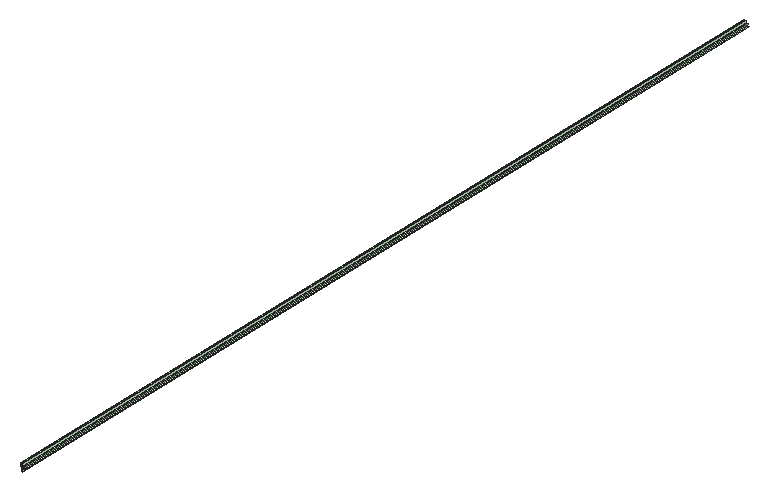
Revit family "eaa2818I_in", category 機械設備, Revit 2022
Family settings
  丸型コネクタ寸法 = 直径を使用
  種別 = なし
  パーツ タイプ = 標準
  作業面ベース = いいえ
  常に垂直 = はい
  ロード時にボイドで切り取り = いいえ
  注釈の向きを維持 = いいえ
  共有 = いいえ
  部屋計算ポイント = いいえ
Parameters
  製造元 = "株式会社桐井製作所"
  既定の高さ = 0 mm
  URL = "https://www.kirii.co.jp/"
  K_長さ(mm) = 3200 mm
  K_材質 = "アルミ押出形材　A6063S-T5"
  K_品名 = "点検口バー(内)eAA2818 Ⅰ"
  K_名称 = "点検口バー"
  K_入数 = "30"
  K_バージョン情報 = "20220915"
Reference planes
  plane 1 "中心(正面/背面)": y = 0
  plane 2: z = 0
  plane 3 "中心(左/右)": x = 0
  plane 4: y = 3200
Forms (mm)
  Extrusion 1, solid
    sketch origin (0, 0, 0) x (1, 0, 0) y (0, 0, 1)
      loop
        line (-5, 1.5) -> (-5, 6.5) -> (0, 6.5) -> (0, -7)
        arc (0, -7) -> (-0.354, -7.146) -> (-0.5, -7.5) r 0.5
        line (-0.5, -7.5) -> (-0.5, -15.7) -> (1, -15.7) -> (1, -8.55) -> (10, -8.55)
        arc (10, -8.55) -> (10.88, -8.024) -> (10.835, -7) r 1
        line (10.835, -7) -> (1.5, -7) -> (1.5, 0) -> (10, 0)
        arc (10, 0) -> (10.866, 0.5) -> (10.866, 1.5) r 1
        line (10.866, 1.5) -> (1.5, 1.5) -> (1.5, 8) -> (-6.5, 8) -> (-6.5, 1.5) -> (-5, 1.5)
    from 0 to 3200
Dimensions and locks
  plane 4 to plane 1 "中心(正面/背面)" = 3200 mm
  aligned and locked: level to plane 2
